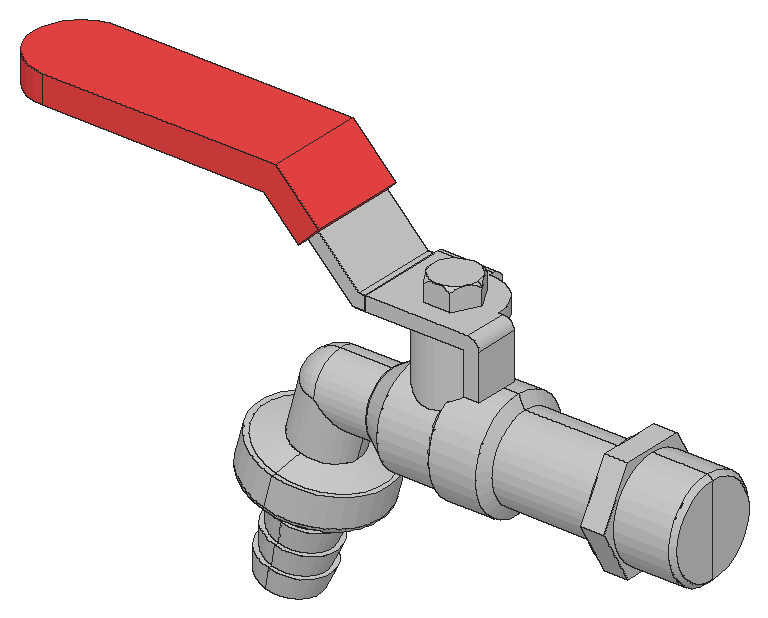
Revit family "РИДАН_BVR-СR_Кран шаровой ГОСТ с насадкой для шланга", category Арматура трубопроводов, Revit 2019
Family settings
  Размер круглого соединителя = Использовать диаметр
  Тип детали = Торцовая крышка
  На основе рабочей плоскости = Нет
  Всегда вертикально = Да
  При загрузке вырезать с полостями = Нет
  Общий = Нет
Parameters (values of type "DN15")
  УГО_Длина = y  # 79.5 mm
  Контакты_Производитель = "info@ridan.ru"  # constant formula
  z = size_lookup(LT, "z", 23 mm, ADSK_Диаметр условный)  # 10 mm
  y = size_lookup(LT, "y", 23 mm, ADSK_Диаметр условный)  # 79.5 mm
  x = size_lookup(LT, "x", 23 mm, ADSK_Диаметр условный)  # 11.5 mm
  w = size_lookup(LT, "w", 23 mm, ADSK_Диаметр условный)  # 18 mm
  v = size_lookup(LT, "v", 23 mm, ADSK_Диаметр условный)  # 11 mm
  u = size_lookup(LT, "u", 23 mm, ADSK_Диаметр условный)  # 8.25 mm
  t = size_lookup(LT, "t", 23 mm, ADSK_Диаметр условный)  # 15 mm
  s = size_lookup(LT, "s", 23 mm, ADSK_Диаметр условный)  # 22.5 mm
  r = size_lookup(LT, "r", 23 mm, ADSK_Диаметр условный)  # 14 mm
  q = size_lookup(LT, "q", 23 mm, ADSK_Диаметр условный)  # 21 mm
  p = size_lookup(LT, "p", 23 mm, ADSK_Диаметр условный)  # 23 mm
  o = size_lookup(LT, "o", 23 mm, ADSK_Диаметр условный)  # 22.86 mm
  n = size_lookup(LT, "n", 23 mm, ADSK_Диаметр условный)  # 22.5 mm
  m = size_lookup(LT, "m", 23 mm, ADSK_Диаметр условный)  # 21 mm
  l = size_lookup(LT, "l", 23 mm, ADSK_Диаметр условный)  # 19 mm
  k = size_lookup(LT, "k", 23 mm, ADSK_Диаметр условный)  # 18 mm
  j = size_lookup(LT, "j", 23 mm, ADSK_Диаметр условный)  # 1 mm
  i = size_lookup(LT, "i", 23 mm, ADSK_Диаметр условный)  # 12 mm
  h = size_lookup(LT, "h", 23 mm, ADSK_Диаметр условный)  # 4.9 mm
  g = size_lookup(LT, "g", 23 mm, ADSK_Диаметр условный)  # 1.37 mm
  f = size_lookup(LT, "f", 23 mm, ADSK_Диаметр условный)  # 20.79 mm
  e = size_lookup(LT, "e", 23 mm, ADSK_Диаметр условный)  # 1.44 mm
  d = size_lookup(LT, "d", 23 mm, ADSK_Диаметр условный)  # 10 mm
  c = size_lookup(LT, "c", 23 mm, ADSK_Диаметр условный)  # 1 mm
  b = size_lookup(LT, "b", 23 mm, ADSK_Диаметр условный)  # 10.75 mm
  a = size_lookup(LT, "a", 23 mm, ADSK_Диаметр условный)  # 5.25 mm
  URL = "https://ridan.ru/"
  LT = "BVR-CR"  # constant formula
  ADSK_Наименование = "Кран шаровой ГОСТ BVR-CR с насадкой для шланга PN10, Tmax=95C, DN15"
  ADSK_Материал = Латунь Никелированная
  ADSK_Масса_Текст = ""
  ADSK_Масса = size_lookup(LT, "M", 0, ADSK_Диаметр условный)  # 0.25
  ADSK_Марка = size_lookup(LT, "Mark", "", ADSK_Диаметр условный)  # "BVR-CR DN15"
  ADSK_Количество = 1  # constant formula
  ADSK_Код изделия = size_lookup(LT, "", "", ADSK_Диаметр условный)  # "065B8300RG"
  ADSK_Завод-изготовитель = "ООО «Ридан-Трейд»"  # constant formula
  ADSK_Единица измерения = "шт."
  ADSK_Диаметр условный = 15 mm
  ADSK_Версия семейства = "1.0"  # constant formula
  ADSK_Версия Revit = "2019"  # constant formula
Types (4, lengths in mm): name | УГО_Длина | y | x | w | v | u | t | s | r | q | p | o | n | m | l | k | j | i | h | g | f | e | d | b | a | ADSK_Наименование | ADSK_Масса | ADSK_Марка | ADSK_Код изделия | ADSK_Диаметр условный
  (no name) | 79.5 | 79.5 | 11.5 | 18 | 11 | 8.25 | 15 | 22.5 | 14 | 21 | 23 | 22.86 | 22.5 | 21 | 19 | 18 | 1 | 12 | 4.9 | 1.37 | 20.79 | 1.44 | 10 | 10.75 | 5.25 | "Кран шаровой ГОСТ BVR-CR с насадкой для шланга PN10, Tmax=95C, DN15" | 0.25 | "BVR-CR DN15" | "065B8300RG" | 15
  DN15 | 79.5 | 79.5 | 11.5 | 18 | 11 | 8.25 | 15 | 22.5 | 14 | 21 | 23 | 22.86 | 22.5 | 21 | 19 | 18 | 1 | 12 | 4.9 | 1.37 | 20.79 | 1.44 | 10 | 10.75 | 5.25 | "Кран шаровой ГОСТ BVR-CR с насадкой для шланга PN10, Tmax=95C, DN15" | 0.25 | "BVR-CR DN15" | "065B8300RG" | 15
  DN20 | 86.5 | 86.5 | 14.5 | 22.75 | 14.5 | 9.5 | 15 | 23.5 | 16.5 | 23 | 25 | 28 | 28 | 26.7 | 24.3 | 20 | 1.2 | 11.3 | 4.5 | 2.24 | 21.82 | 1.44 | 11.5 | 11.5 | 5.5 | "Кран шаровой ГОСТ BVR-CR с насадкой для шланга PN10, Tmax=95C, DN20" | 0.29 | "BVR-CR DN20" | "065B8301RG" | 20
  DN25 | 99.62 | 99.62 | 16 | 26.75 | 15 | 8.25 | 17 | 30.2 | 23.5 | 32.5 | 34 | 36 | 36 | 33.3 | 30.3 | 25 | 1.5 | 13.5 | 4.5 | 2.78 | 25.75 | 1.97 | 13.5 | 12.25 | 7.75 | "Кран шаровой ГОСТ BVR-CR с насадкой для шланга PN10, Tmax=95C, DN25" | 0.5 | "BVR-CR DN25" | "065B8302RG" | 25
Reference planes
  plane 1 "По центру (Вперед/Назад)": y = 0
  plane 2: z = 0
  plane 3 "По центру (Влево/Вправо)": x = 0
  plane 4: x = -13.5
  plane 5: x = -8.25
  plane 6: x = 2.5
  plane 7: x = 3.5
  plane 8: x = 13.5
  plane 9: x = 14.94
  plane 10: x = 35.73
  plane 11: x = 37.1
  plane 12: x = 42
  plane 13: x = 54
  plane 14: x = 55
  plane 15: z = 11.5
  plane 16: z = -11.5
  plane 17: z = 7
  plane 18: z = -7
  plane 19: z = 10.5
  plane 20: z = -10.5
  plane 21: z = 9
  plane 22: z = -9
  plane 23: z = 10.5
  plane 24: z = -10.5
  plane 25: z = 9.5
  plane 26: z = -9.5
  plane 27: z = 22.5
  plane 28: x = -7.5
  plane 29: x = 7.5
  plane 30: z = 11.43
  plane 31: z = -11.43
  plane 32: x = -24.5
  plane 33: x = -31.5
Forms (mm)
  Revolve 1, solid, material "Латунь Никелированная" <- "ADSK_Материал", detail levels fine
    sketch origin (0, 0, 0) x (1, 0, 0) y (0, 0, 1)
      loop
        line (-13.5, 0) -> (37.1, 0) -> (37.1, 11.43) -> (35.73, 9) -> (14.94, 9) -> (13.5, 11.5) -> (3.5, 11.5) -> (2.5, 10.5) -> (-8.25, 10.5) -> (-13.5, 7) -> (-13.5, 0)
      axis (-13.5, 0) -> (37.1, 0)
    angle from 0 to 360
  Extrusion 2, solid, material "Латунь Никелированная" <- "ADSK_Материал", detail levels fine
    sketch origin (0, 0, 0) x (0, 1, 0) y (0, 0, 1)
      loop
        line (12.99, 0) -> (6.495, 11.25) -> (-6.495, 11.25) -> (-12.99, 0) -> (-6.495, -11.25) -> (6.495, -11.25) -> (12.99, 0)
    from 37.1 to 42
  Revolve 3, solid, material "Латунь Никелированная" <- "ADSK_Материал", detail levels fine
    sketch origin (0, 0, 0) x (1, 0, 0) y (0, 0, 1)
      loop
        line (42, 10.5) -> (42, 0) -> (55, 0) -> (55, 9.5) -> (54, 10.5) -> (42, 10.5)
      axis (42, 0) -> (55, 0)
    angle from 0 to 360
  Revolve 4, solid, material "Латунь Никелированная" <- "ADSK_Материал", detail levels fine
    sketch origin (0, 0, 0) x (1, 0, 0) y (0, 0, 1)
      loop
        line (-7.5, 22.5) -> (-7.5, 0) -> (0, 0) -> (0, 22.5) -> (-7.5, 22.5)
      axis (0, 22.5) -> (0, 0)
    angle from 0 to 360
  Revolve 5, solid, material "Латунь Никелированная" <- "ADSK_Материал", detail levels fine
    sketch origin (0, 0, 0) x (1, 0, 0) y (0, 0, 1)
      loop
        arc (-24.5, 7) -> (-29.45, 4.95) -> (-31.5, 0) r 7
        line (-31.5, 0) -> (-13.5, 0) -> (-13.5, 7) -> (-24.5, 7)
      axis (-31.5, 0) -> (-13.5, 0)
    angle from 0 to 360
  Sweep 6, solid, material "Латунь Никелированная" <- "ADSK_Материал", detail levels fine
    path origin (0, 0, 0) x (1, 0, 0) y (0, 0, 1)
      loop
        line (-24.5, 0) -> (-27.476, -11.108)
    profile origin (-25.988, 0, -5.554) x (0.965926, 0, -0.258819) y (0, -1, 0)
      loop
        circle (0, 0) r 7
Cuts and joins
  joined: Revolve 5, Sweep 6
Lines and regions (mm)
  reference lines
    curve 1: line (-24.5, 0, 0) -> (-27.476, 0, -11.108)
Dimensions and locks
  "a": plane 5 to plane 4
  "b": plane 6 to plane 5
  "c": plane 7 to plane 6
  "d": plane 8 to plane 7
  "e": plane 9 to plane 8
  "f": plane 10 to plane 9
  "g": plane 11 to plane 10
  "h": plane 12 to plane 11
  "i": plane 13 to plane 12
  "j": plane 14 to plane 13
  equal spacing: plane 17, plane 2, plane 18
  "r": plane 17 to plane 18
  equal spacing: plane 19, plane 2, plane 20
  "q": plane 19 to plane 20
  equal spacing: plane 21, plane 2, plane 22
  "k": plane 21 to plane 22
  equal spacing: plane 25, plane 2, plane 26
  "l": plane 25 to plane 26
  equal spacing: plane 23, plane 2, plane 24
  "m": plane 23 to plane 24
  equal spacing: plane 30, plane 2, plane 31
  "o": plane 30 to plane 31
  equal spacing: plane 15, plane 2, plane 16
  "p": plane 15 to plane 16
  equal spacing: Extrusion 2 sketch curve, plane 2, Extrusion 2 sketch curve  (x3)
  "n": Extrusion 2 sketch curve to Extrusion 2 sketch curve  (x2)
  "u": plane 3 "По центру (Влево/Вправо)" to plane 5
  equal spacing: plane 28, plane 3 "По центру (Влево/Вправо)", plane 29
  "t": plane 28 to plane 29
  "s": plane 27 to plane 2
  "v": plane 32 to plane 4
  "w": plane 33 to plane 4
  "x": curve 1 to curve 1
  "r": diameter of Sweep 6 sketch curve
  angle Extrusion 2 sketch curve to Extrusion 2 sketch curve = 120.00°  (x6)
  angle curve 1 to plane 2 = 105.00°
  aligned and locked: level to plane 2
  aligned and locked: plane 4 to Revolve 1 sketch curve
  aligned and locked: plane 19 to Revolve 1 sketch curve
  aligned and locked: plane 15 to Revolve 1 sketch curve
  aligned and locked: Revolve 1 sketch curve to plane 21
  aligned and locked: Revolve 1 sketch curve to plane 11
  aligned and locked: Extrusion 2 to plane 11
  aligned and locked: plane 12 to Extrusion 2
  aligned and locked: plane 12 to Revolve 3 sketch curve
  aligned and locked: Revolve 3 sketch curve to plane 23
  aligned and locked: Revolve 3 sketch curve to plane 14
  aligned and locked: plane 27 to Revolve 4 sketch curve
  aligned and locked: Revolve 4 sketch curve to plane 28
  aligned and locked: plane 2 to Revolve 4 sketch curve
  aligned and locked: Revolve 4 sketch curve to plane 3 "По центру (Влево/Вправо)"
  aligned and locked: plane 17 to Revolve 5 sketch curve
  aligned and locked: Revolve 5 sketch curve to plane 4
  aligned and locked: plane 2 to Revolve 5 sketch curve
  aligned and locked: Sweep 6 sketch curve to curve 1
  aligned and locked: nested 2 to plane 27
  aligned and locked: nested 3 to plane 14
Automatic sketch dimensions
  Revolve 1 sketch curve to level = 0 mm  (x2)
  Revolve 1 sketch curve to plane 5 = 0 mm
  Revolve 1 sketch curve to plane 6 = 0 mm
  Revolve 1 sketch curve to plane 7 = 0 mm
  Revolve 1 sketch curve to plane 8 = 0 mm
  Revolve 1 sketch curve to plane 9 = 0 mm
  Revolve 1 sketch curve to plane 10 = 0 mm
  Revolve 1 sketch curve to plane 17 = 0 mm
  Revolve 1 sketch curve to plane 30 = 0 mm
  Revolve 1 sketch curve to plane 4 = 6.591 mm
  plane 12 to Revolve 1 sketch curve = 4.5 mm
  Revolve 3 sketch curve to level = 0 mm  (x2)
  Revolve 3 sketch curve to plane 13 = 0 mm
  Revolve 3 sketch curve to plane 25 = 0 mm
  Revolve 3 sketch curve to plane 10 = 0.653 mm
  plane 14 to Revolve 3 sketch curve = 2.069 mm
  Revolve 4 sketch curve to plane 3 "По центру (Влево/Вправо)" = 0 mm
  plane 18 to Revolve 4 sketch curve = 3.116 mm
  Revolve 4 sketch curve to Revolve 4 sketch curve = 3.614 mm
  Revolve 5 sketch curve to level = 0 mm
  plane 33 to Revolve 5 sketch curve = 0 mm
  Revolve 5 sketch curve to Revolve 5 sketch curve = 2 mm
  plane 4 to Revolve 5 sketch curve = 1.399 mm
  Sweep 6 sketch curve to level = 0 mm
  Sweep 6 sketch curve to plane 31 = 0.322 mm
  Extrusion 2 sketch curve to level = 0 mm
  curve 1 to level = 0 mm
  plane 32 to curve 1 = 0 mm
  Sweep 6 sketch curve to plane 1 "По центру (Вперед/Назад)" = 0 mm
  Sweep 6 sketch curve to profile plane = 0 mm
Nested families
  nested 1: "Слив" at (-27.516, 0.036, -11.098) x (0, -1, 0) z (-0.2588, 0, -0.9659), ADSK_Диаметр условный <- "ADSK_Диаметр условный", type "15", detail levels fine
    with n 14.8 mm, m 12.8 mm, l 14 mm, k 26 mm, j 28 mm, i 5 mm, h 5 mm, f 5 mm, e 3 mm, d 2.5 mm, c 1 mm, b 7 mm, a 1.5 mm, ADSK_Диаметр условный 15 mm
  nested 2: "Рукоятка BVR-CR" at (0, 0, 13.5), ADSK_Диаметр условный <- "ADSK_Диаметр условный", type "Рукоятка BVR-CR", detail levels fine
    with v 7.6 mm, u 1 mm, t 4.9 mm, s 5.6 mm, r 9.8 mm, q 4.5 mm, p 97 mm, o 56.74 mm, n 67 mm, m 24.75 mm, l 2 mm, k 20.52 mm, j 15.99 mm, i 6.02 mm, h 23.01 mm, g 31.38 mm, f 9 mm, e 3 mm, d 18.5 mm, c 3.25 mm, b 9.25 mm, a 13.88 mm, ADSK_Диаметр условный 15 mm
  nested 3: "УГО_Шаровый кран" at (15.25, 0, 0), Длина_УГО <- "УГО_Длина", type "УГО_Шаровый кран", detail levels coarse+medium
    with Длина_УГО 79.5 mm, Высота_УГО 45.899 mm, D 15.9 mm
Connectors
  piping at (55, 0, 0), diameter 15, driven by "ADSK_Диаметр условный"
    settings: on plane 14, index 1, connector inside diameter 609.6 mm, connector length 0 mm, flow factor 0, pipe flow 0.0000 m³/h, pressure drop 0.0 Pa, fitting loss kfactor 0, connector angle 0.00°, fixture units 0, engagement length 0 mm, angle of deflection 0.00°, flow configuration 0, flow direction 0, fitting loss method 0, system type 29, joint type 0, gender type 0, connector reference index -1, connector utility 0, adjustable connector no, is connector primary yes, connector description ""
Definition of nested family "Слив"
  Parameters (values of type "15")
    Default Elevation = 1219.2 mm
    n [instance] = size_lookup(LT, "n", 23 mm, ADSK_Диаметр условный)  # 14.8 mm
    m [instance] = size_lookup(LT, "m", 23 mm, ADSK_Диаметр условный)  # 12.8 mm
    l [instance] = size_lookup(LT, "l", 23 mm, ADSK_Диаметр условный)  # 14 mm
    k [instance] = size_lookup(LT, "k", 23 mm, ADSK_Диаметр условный)  # 26 mm
    j [instance] = size_lookup(LT, "j", 23 mm, ADSK_Диаметр условный)  # 28 mm
    i [instance] = size_lookup(LT, "i", 23 mm, ADSK_Диаметр условный)  # 5 mm
    h [instance] = size_lookup(LT, "h", 23 mm, ADSK_Диаметр условный)  # 5 mm
    f [instance] = size_lookup(LT, "f", 23 mm, ADSK_Диаметр условный)  # 5 mm
    e [instance] = size_lookup(LT, "e", 23 mm, ADSK_Диаметр условный)  # 3 mm
    d [instance] = size_lookup(LT, "d", 23 mm, ADSK_Диаметр условный)  # 2.5 mm
    c [instance] = size_lookup(LT, "c", 23 mm, ADSK_Диаметр условный)  # 1 mm
    b [instance] = size_lookup(LT, "b", 23 mm, ADSK_Диаметр условный)  # 7 mm
    a [instance] = size_lookup(LT, "a", 23 mm, ADSK_Диаметр условный)  # 1.5 mm
    LT = "BVR-CR-S"  # constant formula
    ADSK_Диаметр условный [instance] = 15 mm
  Types (4, lengths in mm): name | n | m | l | k | j | i | h | f | e | d | b | a | ADSK_Диаметр условный
    (no name) | 14.8 | 12.8 | 14 | 26 | 28 | 5 | 5 | 5 | 3 | 2.5 | 7 | 1.5 | 15
    15 | 14.8 | 12.8 | 14 | 26 | 28 | 5 | 5 | 5 | 3 | 2.5 | 7 | 1.5 | 15
    20 | 20.4 | 18.4 | 16.5 | 32.67 | 35 | 6.5 | 6.5 | 6.5 | 2.5 | 2.2 | 8 | 2.8 | 20
    25 | 26.8 | 24.8 | 23.5 | 41 | 43 | 7.5 | 6 | 6 | 7.5 | 4.5 | 10.5 | 3.5 | 25
  Reference planes
    plane 1 "По центру (Вперед/Назад)": y = 0
    plane 2: z = 0
    plane 3 "По центру (Влево/Вправо)": x = 0
    plane 4: x = 14
    plane 5: x = 7
    plane 6: x = 13
    plane 7: x = -7
    plane 8: x = -13
    plane 9: x = 7.4
    plane 10: x = -7.4
    plane 11: x = 6.4
    plane 12: x = -6.4
    plane 13: x = -14
    plane 14: z = 1.5
    plane 15: z = 8.5
    plane 16: z = 9.5
    plane 17: z = 12
    plane 18: z = 15
    plane 19: z = 20
    plane 20: z = 25
    plane 21: z = 30
  Forms (mm)
    Revolve 1, solid
      sketch origin (0, 0, 0) x (-1, 0, 0) y (0, 0, -1)
        loop
          line (0, 0) -> (-7, 0) -> (-13.002, -1.501) -> (-14, -1.501) -> (-14, -8.44)
          arc (-14, -8.44) -> (-13.69, -9.19) -> (-12.94, -9.5) r 1.06
          line (-12.94, -9.5) -> (-7.4, -9.5) -> (-7.4, -12) -> (-6.4, -15) -> (-7.4, -15) -> (-6.4, -20) -> (-7.4, -20) -> (-6.4, -25) -> (-7.4, -25) -> (-6.4, -30) -> (0, -30) -> (0, 0)
        axis (0, 0) -> (0, -30)
      angle from 0 to 360
  Dimensions and locks
    equal spacing: plane 5, plane 3 "По центру (Влево/Вправо)", plane 7
    "l": plane 5 to plane 7
    "k": plane 6 to plane 8
    equal spacing: plane 4, plane 3 "По центру (Влево/Вправо)", plane 13
    "j": plane 4 to plane 13
    equal spacing: plane 6, plane 3 "По центру (Влево/Вправо)", plane 8
    "a": plane 2 to plane 14
    "b": plane 14 to plane 15
    "c": plane 15 to plane 16
    "d": plane 16 to plane 17
    "e": plane 17 to plane 18
    "f": plane 18 to plane 19
    "h": plane 19 to plane 20
    "i": plane 20 to plane 21
    equal spacing: plane 12, plane 3 "По центру (Влево/Вправо)", plane 11
    "m": plane 12 to plane 11
    equal spacing: plane 10, plane 3 "По центру (Влево/Вправо)", plane 9
    "n": plane 10 to plane 9
    aligned and locked: level to plane 2
  Automatic sketch dimensions
    Revolve 1 sketch curve to plane 4 = 0 mm
    Revolve 1 sketch curve to plane 16 = 0 mm
    plane 9 to Revolve 1 sketch curve = 0 mm  (x3)
    Revolve 1 sketch curve to plane 9 = 0 mm
    plane 11 to Revolve 1 sketch curve = 0 mm  (x2)
    Revolve 1 sketch curve to plane 11 = 0 mm  (x2)
    Revolve 1 sketch curve to level = 0 mm
    Revolve 1 sketch curve to plane 5 = 0 mm
    Revolve 1 sketch curve to plane 3 "По центру (Влево/Вправо)" = 0 mm  (x2)
    Revolve 1 sketch curve to plane 21 = 0 mm
    Revolve 1 sketch curve to plane 20 = 0 mm
    Revolve 1 sketch curve to plane 19 = 0 mm
    Revolve 1 sketch curve to plane 18 = 0 mm
    Revolve 1 sketch curve to plane 17 = 0 mm
    plane 14 to Revolve 1 sketch curve = 0.001 mm
    plane 6 to Revolve 1 sketch curve = 0.002 mm
    Revolve 1 sketch curve to plane 6 = 0.06 mm
    plane 21 to Revolve 1 sketch curve = 4.2 mm
    Revolve 1 sketch curve to Revolve 1 sketch curve = 3.522 mm
Definition of nested family "Рукоятка BVR-CR"
  Parameters (values of type "Рукоятка BVR-CR")
    v [instance] = s + 2 mm  # 10 mm
    u [instance] = size_lookup(LT, "u", 23 mm, ADSK_Диаметр условный)  # 1 mm
    t [instance] = size_lookup(LT, "t", 23 mm, ADSK_Диаметр условный)  # 7 mm
    s [instance] = size_lookup(LT, "s", 23 mm, ADSK_Диаметр условный)  # 8 mm
    r [instance] = size_lookup(LT, "r", 23 mm, ADSK_Диаметр условный)  # 14 mm
    q [instance] = size_lookup(LT, "q", 23 mm, ADSK_Диаметр условный)  # 5.5 mm
    p [instance] = n + 30 mm  # 120 mm
    o [instance] = size_lookup(LT, "o", 23 mm, ADSK_Диаметр условный)  # 56.74 mm
    n [instance] = size_lookup(LT, "n", 23 mm, ADSK_Диаметр условный)  # 90 mm
    m [instance] = size_lookup(LT, "m", 23 mm, ADSK_Диаметр условный)  # 29.7 mm
    l [instance] = size_lookup(LT, "l", 23 mm, ADSK_Диаметр условный)  # 2 mm
    k [instance] = size_lookup(LT, "k", 23 mm, ADSK_Диаметр условный)  # 23 mm
    j [instance] = size_lookup(LT, "j", 23 mm, ADSK_Диаметр условный)  # 20 mm
    i [instance] = size_lookup(LT, "i", 23 mm, ADSK_Диаметр условный)  # 6 mm
    h [instance] = size_lookup(LT, "h", 23 mm, ADSK_Диаметр условный)  # 25 mm
    g [instance] = size_lookup(LT, "g", 23 mm, ADSK_Диаметр условный)  # 37.88 mm
    f [instance] = size_lookup(LT, "f", 23 mm, ADSK_Диаметр условный)  # 10.5 mm
    e [instance] = size_lookup(LT, "e", 23 mm, ADSK_Диаметр условный)  # 4 mm
    d [instance] = size_lookup(LT, "d", 23 mm, ADSK_Диаметр условный)  # 21.5 mm
    c [instance] = size_lookup(LT, "c", 23 mm, ADSK_Диаметр условный)  # 4.25 mm
    b [instance] = size_lookup(LT, "b", 23 mm, ADSK_Диаметр условный)  # 10.75 mm
    a [instance] = size_lookup(LT, "a", 23 mm, ADSK_Диаметр условный)  # 16.88 mm
    LT = "BVR-CR-R"  # constant formula
    ADSK_Диаметр условный [instance] = 25 mm
  Reference planes
    plane 1 "По центру (Вперед/Назад)": y = 0
    plane 2: z = 0
    plane 3 "По центру (Влево/Вправо)": x = 0
    plane 4: x = -25
    plane 5: x = -16.88
    plane 6: x = 10.75
    plane 7: x = 15
    plane 8: z = 14.5
    plane 9: z = 10.5
    plane 10: x = -37.88
    plane 11: y = 10.75
    plane 12: y = -10.75
    plane 13: y = 15
    plane 14: x = -14.88
    plane 15: z = 10.5
    plane 16: z = 36.5
    plane 17: z = 33.5
    plane 18: z = 30.5
    plane 19: y = 11.5
    plane 20: y = -11.5
    plane 21: x = -115
    plane 22: y = 12.504
    plane 23: y = -12.572
    plane 24: x = -81.74
    plane 25: x = -145
    plane 26: z = 20
    plane 27: x = 7
    plane 28: x = 8
    plane 29: x = 10
    plane 30: z = 19
  Forms (mm)
    Extrusion 1, solid
      sketch origin (0, 0, 0) x (1, 0, 0) y (0, 1, 0)
        loop
          line (10.75, -10.75) -> (10.75, 0.01)
          arc (10.75, 0.01) -> (7.604, 7.604) -> (0.01, 10.75) r 10.74
          line (0.01, 10.75) -> (-16.88, 10.75) -> (-16.88, -10.75) -> (10.75, -10.75)
      from 10.5 to 14.5
    Extrusion 2, solid
      sketch origin (0, 0, 0) x (1, 0, 0) y (0, 0, 1)
        loop
          arc (15, 11.119) -> (14.01, 13.51) -> (11.619, 14.5) r 3.381
          line (11.619, 14.5) -> (10.75, 14.5) -> (10.75, 0) -> (15, 0) -> (15, 11.119)
      from 0 to 10.75
    Extrusion 3, solid
      sketch origin (0, 0, 0) x (0, 1, 0) y (0, 0, 1)
        loop
          arc (15, 11.165) -> (14.023, 13.523) -> (11.665, 14.5) r 3.335
          line (11.665, 14.5) -> (10.75, 14.5) -> (10.75, 0) -> (15, 0) -> (15, 11.165)
      from -14.88 to 0
    Sweep 4, solid
      path origin (0, 0, 0) x (1, 0, 0) y (0, 0, 1)
        loop
          line (-14.88, 13) -> (-16.88, 13) -> (-37.881, 34.001)
      profile origin (-15.88, 0, 13) x (0, 0, -1) y (0, -1, 0)
        loop
          line (-1.5, 10.75) -> (-1.5, -10.75) -> (2.5, -10.75) -> (2.5, 10.75) -> (-1.5, 10.75)
    Sweep 5, solid
      path origin (0, 0, 0) x (1, 0, 0) y (0, 0, 1)
        loop
          line (-115, 33.5) -> (-37.38, 33.5) -> (-25, 21.12)
      profile origin (-76.19, 0, 33.5) x (0, 0, 1) y (0, -1, 0)
        loop
          line (3, -11.5) -> (3, 11.5) -> (-3, 11.5) -> (-3, -11.5) -> (3, -11.5)
    Extrusion 6, void
      sketch origin (0, 0, 0) x (1, 0, 0) y (0, 1, 0)
        loop
          line (-145, -12.572) -> (-81.74, -12.572) -> (-81.74, -11.5)
          arc (-81.74, -11.5) -> (-93.24, 0) -> (-81.74, 11.5) r 11.5
          line (-81.74, 11.5) -> (-81.74, 12.504) -> (-145, 12.504) -> (-145, -12.572)
      from 0 to 250
    Extrusion 7, solid
      sketch origin (0, 0, 0) x (1, 0, 0) y (0, 1, 0)
        loop
          line (8.083, 0) -> (4.041, 7) -> (-4.041, 7) -> (-8.083, 0) -> (-4.041, -7) -> (4.041, -7) -> (8.083, 0)
      from 14.5 to 20
    Revolve 8, void
      sketch origin (0, 0, 0) x (1, 0, 0) y (0, 0, 1)
        loop
          line (10, 19) -> (10, 20) -> (7, 20)
          arc (7, 20) -> (7.604, 19.604) -> (8, 19) r 1.773
          line (8, 19) -> (10, 19)
        axis (0, 20) -> (0, 19)
      angle from 0 to 360
  Cuts and joins
    joined: Extrusion 1, Extrusion 2, Extrusion 3
    Extrusion 6 cuts Sweep 5
    Revolve 8 cuts Extrusion 7
  Lines and regions (mm)
    reference lines
      curve 1: line (-16.88, 0, 13) -> (-34.379, 0, 30.499)
  Dimensions and locks
    plane 8 to plane 9 = 4 mm
    "a": plane 5 to plane 3 "По центру (Влево/Вправо)"
    "b": plane 3 "По центру (Влево/Вправо)" to plane 6
    "c": plane 6 to plane 7
    equal spacing: plane 11, plane 1 "По центру (Вперед/Назад)", plane 12
    "d": plane 11 to plane 12
    "c": plane 13 to plane 11
    "e": plane 8 to plane 9
    "f": plane 9 to plane 2
    "l": plane 5 to plane 14
    "m": Sweep 4 sketch curve to Sweep 4 sketch curve
    equal spacing: plane 16, plane 17, plane 18
    "i": plane 16 to plane 18
    "j": plane 18 to plane 9
    "h": plane 4 to plane 3 "По центру (Влево/Вправо)"
    "g": plane 10 to plane 3 "По центру (Влево/Вправо)"
    equal spacing: plane 20, plane 1 "По центру (Вперед/Назад)", plane 19
    "k": plane 20 to plane 19
    "n": plane 21 to plane 4
    "o": plane 4 to plane 24
    "p": plane 25 to plane 4
    plane 19 to plane 22 = 1.004 mm
    plane 20 to plane 23 = 1.072 mm
    "q": plane 26 to plane 8
    equal spacing: Extrusion 7 sketch curve, plane 1 "По центру (Вперед/Назад)", Extrusion 7 sketch curve
    "r": Extrusion 7 sketch curve to Extrusion 7 sketch curve  (x2)
    equal spacing: Extrusion 7 sketch curve, plane 3 "По центру (Влево/Вправо)", Extrusion 7 sketch curve  (x2)
    "t": plane 27 to plane 3 "По центру (Влево/Вправо)"
    "s": plane 28 to plane 3 "По центру (Влево/Вправо)"
    "v": plane 29 to plane 3 "По центру (Влево/Вправо)"
    "u": plane 26 to plane 30
    angle plane 8 to curve 1 = 135.00°
    angle Extrusion 7 sketch curve to Extrusion 7 sketch curve = 120.00°  (x6)
    aligned and locked: level to plane 2
    aligned and locked: Extrusion 1 to plane 9
    aligned and locked: plane 8 to Extrusion 1
    aligned and locked: Extrusion 2 to plane 1 "По центру (Вперед/Назад)"
    aligned and locked: Extrusion 2 to plane 12
    aligned and locked: plane 3 "По центру (Влево/Вправо)" to Extrusion 3
    aligned and locked: Sweep 4 sketch curve to curve 1
    aligned and locked: Sweep 4 sketch curve to cut or joined group of Extrusion 1, Extrusion 2, Extrusion 3  (x3)
    aligned and locked: cut or joined group of Extrusion 1, Extrusion 2, Extrusion 3 to Sweep 4 sketch curve
    aligned and locked: Sweep 5 sketch curve to curve 1
    aligned and locked: Sweep 5 sketch curve to plane 17
    aligned and locked: Sweep 5 sketch curve to plane 16
    aligned and locked: plane 18 to Sweep 5 sketch curve
    aligned and locked: Sweep 5 sketch curve to plane 19
    aligned and locked: Sweep 5 sketch curve to plane 20
    aligned and locked: Extrusion 6 sketch curve to plane 25
    aligned and locked: Extrusion 6 sketch curve to plane 22
    aligned and locked: Extrusion 6 sketch curve to plane 23
    aligned and locked: Extrusion 6 sketch curve to plane 24
    aligned and locked: plane 24 to Extrusion 6 sketch curve
    aligned and locked: Extrusion 7 to plane 8
    aligned and locked: Extrusion 7 to plane 26
    aligned and locked: Revolve 8 sketch curve to plane 26
    aligned and locked: plane 29 to Revolve 8 sketch curve
    aligned and locked: Revolve 8 sketch curve to plane 30
    aligned and locked: Extrusion 3 to plane 14
  Automatic sketch dimensions
    Extrusion 1 sketch curve to plane 5 = 0 mm
    Extrusion 1 sketch curve to plane 11 = 0 mm
    Extrusion 1 sketch curve to plane 6 = 0 mm
    Extrusion 1 sketch curve to plane 12 = 0 mm
    plane 3 "По центру (Влево/Вправо)" to Extrusion 1 sketch curve = 0.01 mm
    plane 6 to Extrusion 2 sketch curve = 0 mm
    Extrusion 2 sketch curve to plane 8 = 0 mm
    Extrusion 2 sketch curve to level = 0 mm
    plane 7 to Extrusion 2 sketch curve = 0 mm
    Extrusion 2 sketch curve to plane 6 = 0.869 mm
    Extrusion 3 sketch curve to plane 8 = 0 mm
    Extrusion 3 sketch curve to plane 11 = 0 mm
    Extrusion 3 sketch curve to level = 0 mm
    Extrusion 3 sketch curve to plane 13 = 0 mm
    plane 11 to Extrusion 3 sketch curve = 0.915 mm
    plane 5 to curve 1 = 0 mm
    curve 1 to plane 8 = 1.5 mm
    plane 21 to Sweep 5 sketch curve = 0 mm
    plane 4 to Sweep 5 sketch curve = 0 mm
    plane 1 "По центру (Вперед/Назад)" to Extrusion 6 sketch curve = 0 mm
    plane 19 to Extrusion 6 sketch curve = 0 mm
    Revolve 8 sketch curve to plane 3 "По центру (Влево/Вправо)" = 0 mm
    Revolve 8 sketch curve to plane 27 = 0 mm
    Revolve 8 sketch curve to plane 28 = 0 mm
    plane 30 to Revolve 8 sketch curve = 0.65 mm
    plane 8 to Revolve 8 sketch curve = 0.769 mm
    Revolve 8 sketch curve to plane 26 = 1.269 mm
    plane 5 to Sweep 4 sketch curve = 0 mm
    Sweep 4 sketch curve to plane 14 = 0 mm
    plane 1 "По центру (Вперед/Назад)" to Extrusion 7 sketch curve = 0 mm
Definition of nested family "УГО_Шаровый кран"
  Parameters (values of type "УГО_Шаровый кран")
    Длина_УГО [instance] = 100 mm
    Высота_УГО [instance] = (Длина_УГО / 2) / cos(30.00°)  # 57.735 mm
    D [instance] = Длина_УГО / 5  # 20 mm
  Reference planes
    plane 1 "По центру (Вперед/Назад)": y = 0
    plane 2: z = 0
    plane 3 "По центру (Влево/Вправо)": x = 0
    plane 4: x = -50
    plane 5: x = 50
    plane 6: z = 28.868
    plane 7: z = -28.868
  Forms (mm)
    Extrusion 1, solid
      sketch origin (0, 0, 0) x (1, 0, 0) y (0, 0, 1)
        loop
          line (-50, 28.868) -> (-50, -28.868) -> (0, 0) -> (-50, 28.868)
      from -0.5 to 0.5
    Extrusion 2, solid
      sketch origin (0, 0, 0) x (1, 0, 0) y (0, 0, 1)
        loop
          line (50, 28.868) -> (0, 0) -> (50, -28.868) -> (50, 28.868)
      from -0.5 to 0.5
    Extrusion 3, solid
      sketch origin (0, 0, 0) x (1, 0, 0) y (0, 0, 1)
        loop
          circle (0, 0) r 10
      from -0.6 to 0.6
  Dimensions and locks
    equal spacing: plane 5, plane 3 "По центру (Влево/Вправо)", plane 4
    "Длина_УГО": plane 5 to plane 4
    equal spacing: plane 6, level, plane 7
    "Высота_УГО": plane 6 to plane 7
    "D": diameter of Extrusion 3 sketch curve
    aligned and locked: level to plane 2
    aligned and locked: Extrusion 1 sketch curve to plane 4
    aligned and locked: Extrusion 2 sketch curve to plane 5
    aligned and locked: plane 6 to Extrusion 1 sketch curve
    aligned and locked: plane 7 to Extrusion 1 sketch curve
    aligned and locked: plane 6 to Extrusion 2 sketch curve
    aligned and locked: plane 7 to Extrusion 2 sketch curve
  Automatic sketch dimensions
    Extrusion 1 sketch curve to level = 0 mm
    Extrusion 1 sketch curve to plane 3 "По центру (Влево/Вправо)" = 0 mm
    Extrusion 2 sketch curve to level = 0 mm
    Extrusion 2 sketch curve to plane 3 "По центру (Влево/Вправо)" = 0 mm
    Extrusion 3 sketch curve to level = 0 mm
    Extrusion 3 sketch curve to plane 3 "По центру (Влево/Вправо)" = 0 mm
